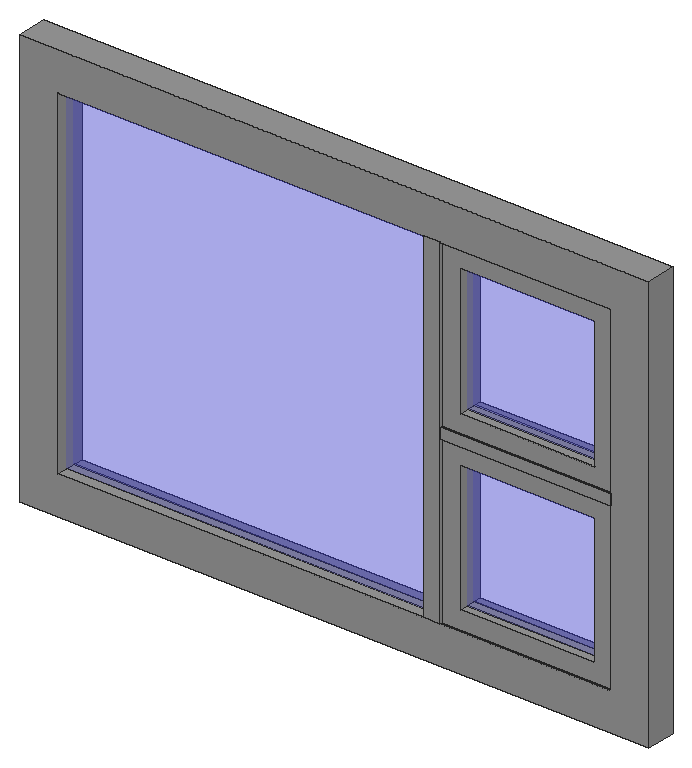
Revit family "Family37", category Windows, host Wall, Revit 2018
Family settings
  Host = Wall
  OmniClass Number = 23.30.20.00
  OmniClass Title = Windows
  Always vertical = Yes
  Cut with Voids When Loaded = No
  Shared = No
  Room Calculation Point = No
Parameters
  Window Frame = White
  Visual Light Transmittance = 0.81
  URL = "www.skywardwindows.co.za"
  Thermal Resistance (R) = 0.3196 (m²·K)/W
  Telephone = "021 276 1800"
  Solar Heat Gain Coefficient = 0.76
  Manufacturer = "Skyward Windows"
  Height = 1190 mm
  Heat Transfer Coefficient (U) = 3.1292 W/(m²·K)
  Glass Thickness = 4 mm
  Glass = Glass
  Frame Width = 46.195 mm
  Email Address = "info@skywardwindows.co.za"
  Default Sill Height = 800 mm
  Wall Closure = By host
  Width = 1790 mm
  Company Address = "Charles Matthews Street Atlantis 7349"
  Analytic Construction = "Double glazing - domestic"
Reference planes
  plane 1 "Center (Front/Back)": y = 0
  plane 2 "Center (Left/Right)": x = 0
  plane 3 "Left": x = -895
  plane 4 "Right": x = 895
  plane 5 "Sill": z = 800
  plane 6 "Head": z = 1990
  plane 7 "Exterior": y = 100
  plane 8 "Interior": y = -100
Forms (mm)
  Extrusion 1, solid, material "White" <- "Window Frame"
    sketch origin (0, -100, 0) x (1, 0, 0) y (0, 0, 1)
      loop
        line (-895, 1990) -> (-895, 800) -> (895, 800) -> (895, 1990) -> (-895, 1990)
      loop
        line (-786, 909) -> (786, 909) -> (786, 1881) -> (-786, 1881) -> (-786, 909)
    from -142 to -58
  Extrusion 2, solid, material "White" <- "Window Frame"
    sketch origin (0, -100, 0) x (1, 0, 0) y (0, 0, 1)
      loop
        line (300, 1881) -> (300, 1410) -> (786, 1410) -> (786, 1881) -> (300, 1881)
      loop
        line (353.034, 1831) -> (353.034, 1460) -> (736, 1460) -> (736, 1831) -> (353.034, 1831)
    from -134.904 to -64.489
  Extrusion 3, solid, material "White" <- "Window Frame"
    sketch origin (0, -100, 0) x (1, 0, 0) y (0, 0, 1)
      loop
        line (300, 1881) -> (253.805, 1881) -> (253.805, 909) -> (300, 909) -> (300, 1881)
    from -142 to -58
  Extrusion 4, solid, material "Glass" <- "Glass"
    sketch origin (0, 0, 0) x (1, 0, 0) y (0, 1, 0)
      loop
        line (-786, 14) -> (-786, 10) -> (253.805, 10) -> (253.805, 14) -> (-786, 14)
      loop
        line (253.805, -14) -> (253.805, -10) -> (-786, -10) -> (-786, -14) -> (253.805, -14)
    from 909 to 1881
  Extrusion 5, solid, material "Glass" <- "Glass"
    sketch origin (0, 0, 0) x (1, 0, 0) y (0, 1, 0)
      loop
        line (353.034, 14) -> (353.034, 10) -> (736, 10) -> (736, 14) -> (353.034, 14)
      loop
        line (736, -14) -> (736, -10) -> (353.034, -10) -> (353.034, -14) -> (736, -14)
    from 1460 to 1831
  Extrusion 6, solid, material "White" <- "Window Frame"
    sketch origin (0, -100, -486) x (1, 0, 0) y (0, 0, 1)
      loop
        line (300, 1866) -> (300, 1395) -> (786, 1395) -> (786, 1866) -> (300, 1866)
      loop
        line (353.034, 1816) -> (353.034, 1445) -> (736, 1445) -> (736, 1816) -> (353.034, 1816)
    from -134.904 to -64.489
  Extrusion 7, solid, material "Glass" <- "Glass"
    sketch origin (0, 0, -486) x (1, 0, 0) y (0, 1, 0)
      loop
        line (353.034, 14) -> (353.034, 10) -> (736, 10) -> (736, 14) -> (353.034, 14)
      loop
        line (736, -14) -> (736, -10) -> (353.034, -10) -> (353.034, -14) -> (736, -14)
    from 1445 to 1816
  Extrusion 8, solid, material "White" <- "Window Frame"
    sketch origin (1086, -100, 0) x (1, 0, 0) y (0, 0, 1)
      loop
        line (-786, 1410) -> (-786, 1380) -> (-300, 1380) -> (-300, 1410) -> (-786, 1410)
    from -142 to -58
Lines and regions (mm)
  Opening 1
    outline origin (3500, -100, 0) x (1, 0, 0) y (0, 0, 1)
      loop
        line (-2605, 800) -> (-2605, 1990) -> (-4395, 1990) -> (-4395, 800) -> (-2605, 800)
Text (mm)
  text "EXTERIOR" at (-1963.203, 1332.353, 0), in view "Ref. Level"
  text "INTERIOR" at (-1981.466, -818.386, 0), in view "Ref. Level"
  text "Exterior" at (0, 923.751, 2943.296), in view "Right"
  text "Exterior" at (0, 1040.484, 2685.409), in view "Left"
Dimensions and locks
  equal spacing: plane 3 "Left", plane 2 "Center (Left/Right)", plane 4 "Right"
  "Width": plane 3 "Left" to plane 4 "Right"
  "Height": plane 5 "Sill" to plane 6 "Head"
  "Default Sill Height": plane 5 "Sill" to level
  locked: plane 7 "Exterior" to host wall at 0
  locked: plane 8 "Interior" to host wall
  "Glass Thickness": Extrusion 4 to Extrusion 4
  "Glass Thickness": Extrusion 5 to Extrusion 5
  aligned and locked: Extrusion 1 sketch curve to host wall  (x4)
Automatic sketch dimensions
  plane 3 "Left" to Opening 1 sketch curve = 0 mm
  plane 4 "Right" to Opening 1 sketch curve = 0 mm
  Opening 1 sketch curve to plane 5 "Sill" = 0 mm
  Opening 1 sketch curve to plane 6 "Head" = 0 mm
  Extrusion 1 sketch curve to plane 3 "Left" = 109 mm
  plane 4 "Right" to Extrusion 1 sketch curve = 109 mm
  Extrusion 1 sketch curve to plane 5 "Sill" = 109 mm
  plane 6 "Head" to Extrusion 1 sketch curve = 109 mm
  Extrusion 2 sketch curve to plane 3 "Left" = 1195 mm
  Extrusion 2 sketch curve to Extrusion 2 sketch curve = 53.034 mm
  plane 6 "Head" to Extrusion 2 sketch curve = 159 mm
  Extrusion 2 sketch curve to plane 2 "Center (Left/Right)" = 736 mm
  Extrusion 2 sketch curve to Extrusion 2 sketch curve = 50 mm  (x3)
  Extrusion 2 sketch curve to Extrusion 2 sketch curve = 371 mm
  plane 6 "Head" to Extrusion 3 sketch curve = 109 mm
  Extrusion 3 sketch curve to plane 2 "Center (Left/Right)" = 253.805 mm
  Extrusion 3 sketch curve to Extrusion 3 sketch curve = 46.195 mm
  Extrusion 3 sketch curve to plane 5 "Sill" = 109 mm
  Extrusion 4 sketch curve to host wall = 14 mm
  plane 2 "Center (Left/Right)" to Extrusion 4 sketch curve = 786 mm
  Extrusion 4 sketch curve to Extrusion 4 sketch curve = 0 mm  (x2)
  plane 4 "Right" to Extrusion 4 sketch curve = 641.195 mm
  host wall to Extrusion 4 sketch curve = 10 mm
  Extrusion 4 sketch curve to Extrusion 4 sketch curve = 4 mm  (x2)
  Extrusion 5 sketch curve to host wall = 14 mm
  Extrusion 5 sketch curve to plane 3 "Left" = 1248.034 mm
  Extrusion 5 sketch curve to Extrusion 5 sketch curve = 0 mm  (x2)
  Extrusion 5 sketch curve to plane 2 "Center (Left/Right)" = 736 mm
  host wall to Extrusion 5 sketch curve = 10 mm
  Extrusion 5 sketch curve to Extrusion 5 sketch curve = 4 mm  (x2)
  Extrusion 6 sketch curve to plane 3 "Left" = 1195 mm
  Extrusion 6 sketch curve to Extrusion 6 sketch curve = 53.034 mm
  Extrusion 6 sketch curve to plane 2 "Center (Left/Right)" = 736 mm
  Extrusion 6 sketch curve to Extrusion 6 sketch curve = 50 mm  (x3)
  Extrusion 6 sketch curve to plane 5 "Sill" = 109 mm
  Extrusion 6 sketch curve to Extrusion 6 sketch curve = 371 mm
  Extrusion 7 sketch curve to host wall = 14 mm
  Extrusion 7 sketch curve to plane 3 "Left" = 1248.034 mm
  Extrusion 7 sketch curve to Extrusion 7 sketch curve = 0 mm  (x2)
  Extrusion 7 sketch curve to plane 2 "Center (Left/Right)" = 736 mm
  host wall to Extrusion 7 sketch curve = 10 mm
  Extrusion 7 sketch curve to Extrusion 7 sketch curve = 4 mm  (x2)
  Extrusion 8 sketch curve to plane 3 "Left" = 1195 mm
  Extrusion 8 sketch curve to plane 2 "Center (Left/Right)" = 786 mm
  Extrusion 8 sketch curve to plane 5 "Sill" = 580 mm
  Extrusion 8 sketch curve to Extrusion 8 sketch curve = 30 mm
